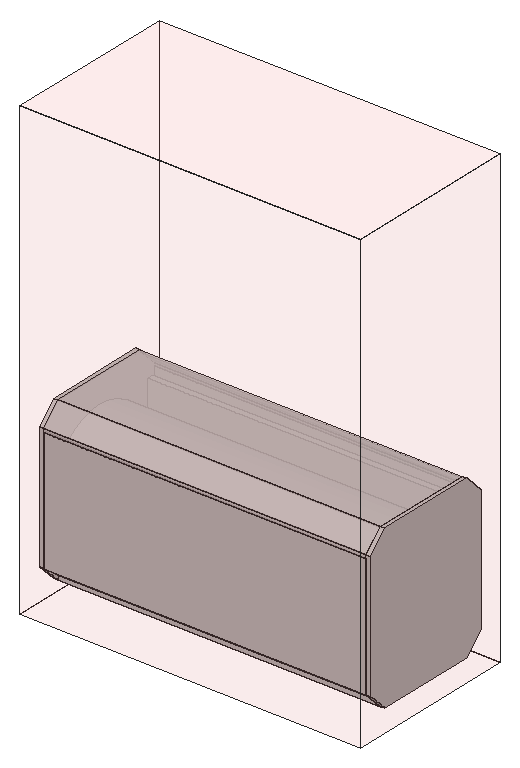
Revit family "Air-Curtain_Specialty_PoweredAire_LDX-Hazardous", category Mechanical Equipment, host Face, Revit 2020
Family settings
  Host = Face
  Round Connector Dimension = Use Diameter
  Part Type = Normal
  OmniClass Number = 23.75.35.17.21
  OmniClass Title = Air Curtains
  Cut with Voids When Loaded = No
  Shared = No
  Room Calculation Point = No
Parameters
  Warranty Duration (Years) = 0
  Unit Width Notes = "Other Widths available."  # constant formula
  Unit Width = 3' - 0"
  Unit Weight = 0
  Unit Height = 1' - 3"
  Unit Depth = 1' - 5 1/2"
  URL = "http://www.poweredaire.com/"
  Test Data = ""
  Standards Conformance = "as Specified"
  Specification = "http://www.arcat.com/sdspecs/htm04/23_34_33pai.htm"
  SpecWizard = ""
  Sound Pressure = "as Specified"
  Sales Information = "http://www.poweredaire.com/contact_us"
  Revision = "R1_2016-08"
  Projection from Host [instance] = 0' - 2"
  Product Properties = ""
  Product Data = "http://www.arcat.com/arcatcos/cos47/arc47623.html"
  Power Rating = 0 W
  Nozzle Width = if(1 = 1, Unit Width - 0' 1", 0' 0")  # 2' - 11"
  Mounting Width = if(1 = 1, Unit Width - 0' 0 15/16", 0' 0")  # 2' - 11 1/16"
  Mounting Height [instance] = 3' - 6"
  Motor RPM = 0
  Motor HP = 0
  Motor Count = 0
  Model = "As Specified"
  Max Height = 0' - 0"
  Manufacturer Website = "http://www.poweredaire.com/"
  Manufacturer Phone - Toll Free = "888-321-2473"
  Manufacturer Phone = "724-588-3305"
  Manufacturer Fax = "724-588-3371"
  Manufacturer Address = "109 Mortensen Rd.  Greenville, PA 16125"
  Manufacturer = "Powered Aire, Inc"
  Maintenance Schedule (Months) = 0
  Keynote = "23 34 33"
  Installation-Fabrication = ""
  Installation Phase = ""
  Include Clearance [instance] = yes
  Heating Element Load = 0 W
  HVAC_Temperature Rise = 0 °F
  HVAC_Outlet Volume = 0 CFM
  HVAC_Outlet Velocity Uniformity = 0
  HVAC_Outlet Velocity = 0 FPM
  Green Building-LEED = "http://www.arcat.com/green/clients/leed_data_47623.html"
  Front Grating Material [instance] = Metal - Steel - PoweredAire - Stainless 304 Perforated
  Frame Finish [instance] = Metal - Steel - PoweredAire - Stainless 304
  Expected Lifespan (Years) = 0
  Electrical_Wattage [instance] = Power Rating + Heating Element Load  # 0 W
  Electrical_Voltage [instance] = 0 V
  Electrical_Phase [instance] = 1
  Electrical_Frequency [instance] = 0 Hz
  Electrical_Amperage [instance] = 0 A
  Drawn By = "Sumex Design, Inc. / Robert S. Weygant, CSI, CDT, SCIP"
  Description = "Powered Aire Air Curtain as Specified"
  Default Elevation = 0' - 0"  # constant formula
  Copyright = "©Arcat Inc."
  Construction Details = "http://www.arcat.com/details/powair/prod3336.html"
  Clearance_Top [instance] = 0' - 2"
  Clearance_Side B [instance] = 0' - 0 1/2"
  Clearance_Side A [instance] = 0' - 0 1/2"
  Clearance_Intake [instance] = 2' - 6"
  Clearance_Bottom [instance] = 0' - 2"
  Clearance Material [instance] = ARCAT Clearance
  Building Codes = ""
  Available Options [instance] = "as Specified"
  Assembly Code = "D3090400"
Reference planes (in)
  plane 1 "Center (Elevation)": y = 0.13818
  plane 2: z = 0
  plane 3 "Center (Left/Right)": x = 0
  plane 4: y = 7.63818
  plane 5: y = -7.36182
  plane 6: x = -18
  plane 7: x = 18
  plane 8: z = 19.5
  plane 9 "FF": y = -41.86182
  plane 10: z = 2
  plane 11: x = 17.5
  plane 12: x = -17.5
  plane 13: y = 9.63818
  plane 14: y = -9.36182
  plane 15: x = -18.5
  plane 16: x = 18.5
  plane 17: z = 49.5
Forms (in)
  Extrusion 1, solid, material "Metal - Steel - PoweredAire - Stainless 304" <- "Frame Finish"
    sketch origin (0, 0, 0) x (0, 1, 0) y (0, 0, 1)
      loop
        line (5.69363, 2) -> (7.63818, 3.94454) -> (7.63818, 17.55546) -> (5.69363, 19.5) -> (-5.41728, 19.5) -> (-7.36182, 17.55546) -> (-7.36182, 3.94454) -> (-5.41728, 2) -> (5.69363, 2)
    from 17.5 to 18
  Extrusion 2, solid, material "Metal - Steel - PoweredAire - Stainless 304" <- "Frame Finish"
    sketch origin (0, 0, -0.5) x (0, 1, 0) y (0, 0, 1)
      loop
        circle (0.13818, 10.9739) r 6.25
      loop
        line (6.63818, 16.89427) -> (6.63818, 5.87829) -> (7.33849, 5.87829) -> (7.33849, 16.89427) -> (6.63818, 16.89427)
      loop
        line (-7.02798, 16.76927) -> (-7.02798, 5.75329) -> (-6.36182, 5.75329) -> (-6.36182, 16.76927) -> (-7.02798, 16.76927)
    from -17.5 to 17.5
  Extrusion 3, solid, material "Metal - Steel - PoweredAire - Stainless 304" <- "Frame Finish"
    sketch origin (0, 0, 0) x (0, 1, 0) y (0, 0, -1)
      loop
        line (5.69363, -2) -> (-5.41728, -2) -> (-7.36182, -3.94454) -> (-7.36182, -17.55546) -> (-5.41728, -19.5) -> (5.69363, -19.5) -> (7.63818, -17.55546) -> (7.63818, -3.94454) -> (5.69363, -2)
    from 17.5 to 18
  Extrusion 4, solid, material "Metal - Steel - PoweredAire - Stainless 304" <- "Frame Finish"
    sketch origin (0, 0, 0) x (0, 1, 0) y (0, 0, 1)
      loop
        line (-5.41728, 2) -> (5.69363, 2) -> (7.63818, 3.94454) -> (7.63818, 17.19454) -> (7.51318, 17.19454) -> (7.51318, 3.99632) -> (5.64186, 2.125) -> (-5.29228, 2.125) -> (-5.29228, 4.06954) -> (-7.23682, 4.06954) -> (-7.23682, 17.19454) -> (-7.36182, 17.19454) -> (-7.36182, 3.94454) -> (-5.41728, 3.94454) -> (-5.41728, 2)
      loop
        line (-6.64819, 3.61034) -> (-5.8702, 2.83235) -> (-5.74472, 2.95783) -> (-6.52271, 3.73583) -> (-6.64819, 3.61034)
    from -17.5 to 17.5
  Extrusion 5, solid, material "Metal - Steel - PoweredAire - Stainless 304 Perforated" <- "Front Grating Material"
    sketch origin (0, 0, 0) x (0, 1, 0) y (0, 0, 1)
      loop
        line (-7.36182, 17.19454) -> (-7.23682, 17.19454) -> (-7.23682, 17.50368) -> (-5.3655, 19.375) -> (5.64186, 19.375) -> (7.51318, 17.50368) -> (7.51318, 17.19454) -> (7.63818, 17.19454) -> (7.63818, 17.55546) -> (5.69363, 19.5) -> (-5.41728, 19.5) -> (-7.36182, 17.55546) -> (-7.36182, 17.19454)
    from -17.5 to 17.5
  Extrusion 6, solid, material "ARCAT Clearance" <- "Clearance Material", visible <- "Include Clearance"
    sketch origin (0, 0, 0) x (0, 1, 0) y (0, 0, 1)
      loop
        line (-9.36182, 49.5) -> (-9.36182, 0) -> (9.63818, 0) -> (9.63818, 49.5) -> (-9.36182, 49.5)
    from -18.5 to 18.5
Dimensions and locks (in)
  equal spacing: plane 4, plane 1 "Center (Elevation)", plane 5
  "Unit Height": plane 4 to plane 5
  equal spacing: plane 6, plane 3 "Center (Left/Right)", plane 7
  "Unit Width": plane 6 to plane 7
  "Mounting Height": plane 1 "Center (Elevation)" to plane 9 "FF"
  "Projection from Host": plane 10 to level
  "Unit Depth": plane 8 to plane 10
  locked: plane 6 to plane 12 at 0.5
  locked: plane 11 to plane 7 at 0.5
  "Clearance_Side A": plane 7 to plane 16
  "Clearance_Side B": plane 15 to plane 6
  "Clearance_Top": plane 13 to plane 4
  "Clearance_Bottom": plane 5 to plane 14
  "Clearance_Intake": plane 17 to plane 8
  aligned and locked: plane 2 to host face
  aligned and locked: level to host face
  aligned and locked: plane 7 to Extrusion 1
  aligned and locked: Extrusion 1 to plane 11
  aligned and locked: plane 12 to Extrusion 3
  aligned and locked: Extrusion 3 to plane 6
  aligned and locked: Extrusion 2 to plane 12
  aligned and locked: plane 11 to Extrusion 2
  aligned and locked: plane 11 to Extrusion 4
  aligned and locked: Extrusion 4 to plane 12
  aligned and locked: plane 11 to Extrusion 5
  aligned and locked: Extrusion 5 to plane 12
  aligned and locked: Extrusion 6 sketch curve to plane 17
  aligned and locked: plane 14 to Extrusion 6 sketch curve
  aligned and locked: level to Extrusion 6 sketch curve
  aligned and locked: Extrusion 6 sketch curve to plane 13
  aligned and locked: plane 16 to Extrusion 6
  aligned and locked: Extrusion 6 to plane 15
Automatic sketch dimensions
  host sketch curve to host sketch curve = 8' - 0"  (x2)
  Extrusion 1 sketch curve to plane 5 = 0' - 0"
  Extrusion 1 sketch curve to plane 8 = 0' - 0"
  Extrusion 1 sketch curve to plane 10 = 0' - 0"
  Extrusion 1 sketch curve to plane 4 = 0' - 0"
  plane 5 to Extrusion 1 sketch curve = 0' - 1.94454"  (x2)
  Extrusion 1 sketch curve to plane 4 = 0' - 1.94454"  (x2)
  plane 10 to Extrusion 1 sketch curve = 0' - 1.94454"  (x2)
  Extrusion 1 sketch curve to plane 8 = 0' - 1.94454"  (x2)
  Extrusion 2 sketch curve to plane 1 "Center (Elevation)" = 0' - 0"
  plane 5 to Extrusion 2 sketch curve = 0' - 1"
  plane 5 to Extrusion 2 sketch curve = 0' - 0.33384"
  Extrusion 2 sketch curve to plane 4 = 0' - 1"
  Extrusion 2 sketch curve to plane 4 = 0' - 0.29969"
  plane 10 to Extrusion 2 sketch curve = 0' - 3.37829"
  plane 10 to Extrusion 2 sketch curve = 0' - 3.25329"
  Extrusion 2 sketch curve to plane 8 = 0' - 9.0261"
  Extrusion 2 sketch curve to plane 8 = 0' - 3.23073"
  Extrusion 2 sketch curve to plane 8 = 0' - 3.10573"
  Extrusion 3 sketch curve to plane 5 = 0' - 0"
  Extrusion 3 sketch curve to plane 8 = 0' - 0"
  Extrusion 3 sketch curve to plane 10 = 0' - 0"
  Extrusion 3 sketch curve to plane 4 = 0' - 0"
  plane 5 to Extrusion 3 sketch curve = 0' - 1.94454"  (x2)
  Extrusion 3 sketch curve to plane 4 = 0' - 1.94454"  (x2)
  Extrusion 3 sketch curve to plane 8 = 0' - 1.94454"  (x2)
  plane 10 to Extrusion 3 sketch curve = 0' - 1.94454"  (x2)
  Extrusion 4 sketch curve to plane 5 = 0' - 0"
  Extrusion 4 sketch curve to plane 10 = 0' - 0"
  Extrusion 4 sketch curve to plane 4 = 0' - 0"
  plane 5 to Extrusion 4 sketch curve = 0' - 0 1/8"
  plane 5 to Extrusion 4 sketch curve = 0' - 0.71363"
  Extrusion 4 sketch curve to Extrusion 4 sketch curve = 0' - 0.12548"  (x2)
  Extrusion 4 sketch curve to Extrusion 4 sketch curve = 0' - 0.778"
  Extrusion 4 sketch curve to Extrusion 4 sketch curve = 0' - 0.32744"
  Extrusion 4 sketch curve to Extrusion 4 sketch curve = 0' - 0 1/8"  (x2)
  plane 10 to Extrusion 4 sketch curve = 0' - 0 1/8"
  Extrusion 4 sketch curve to plane 4 = 0' - 1.99632"
  Extrusion 4 sketch curve to Extrusion 4 sketch curve = 0' - 0.05178"  (x2)
  plane 10 to Extrusion 4 sketch curve = 0' - 0.83235"
  plane 10 to Extrusion 4 sketch curve = 0' - 1.94454"
  Extrusion 4 sketch curve to Extrusion 4 sketch curve = 0' - 0.3342"
  Extrusion 4 sketch curve to plane 4 = 0' - 0 1/8"
  Extrusion 4 sketch curve to plane 8 = 0' - 2.30546"  (x2)
  Extrusion 5 sketch curve to plane 5 = 0' - 0"
  Extrusion 5 sketch curve to plane 8 = 0' - 0"
  Extrusion 5 sketch curve to plane 4 = 0' - 0"
  plane 5 to Extrusion 5 sketch curve = 0' - 0 1/8"
  plane 5 to Extrusion 5 sketch curve = 0' - 1.94454"
  Extrusion 5 sketch curve to plane 8 = 0' - 0 1/8"
  Extrusion 5 sketch curve to Extrusion 5 sketch curve = 0' - 0.05178"  (x4)
  Extrusion 5 sketch curve to plane 4 = 0' - 1.99632"
  Extrusion 5 sketch curve to plane 8 = 0' - 1.94454"  (x2)
  Extrusion 5 sketch curve to Extrusion 5 sketch curve = 0' - 0 1/8"
  Extrusion 5 sketch curve to Extrusion 5 sketch curve = 0' - 0.30914"  (x2)
  radius of Extrusion 2 sketch curve = 0' - 6 1/4"
Connectors (in)
  electrical at (0, 7.63818, 10.56954), driven by "Electrical_Phase", driven by "Electrical_Voltage"
    settings: on Extrusion 4, index 1, voltage 0 V, apparent load 0 VA, apparent load phase1 0 VA, apparent load phase2 0 VA, apparent load phase3 0 VA, power factor 1, load classification "Motor", number of poles 1, system type 31, power factor state 1, is connector primary yes, connector utility no, sub classification motor no, connector description ""
